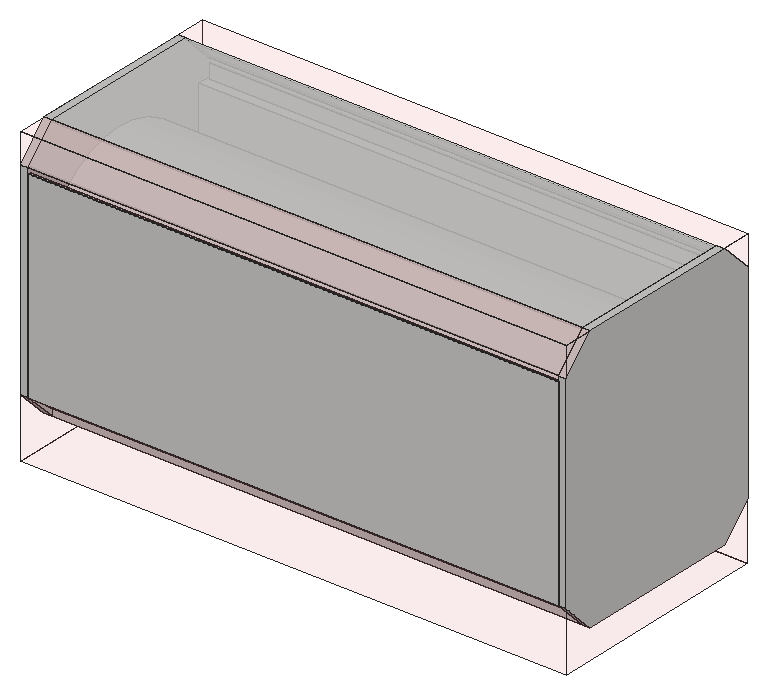
Revit family "Air-Curtain_Climate-Control_PoweredAire_ETD", category Mechanical Equipment, host Face, Revit 2019
Family settings
  Host = Face
  Round Connector Dimension = Use Diameter
  Part Type = Normal
  OmniClass Number = 23.75.35.17.21
  OmniClass Title = Air Curtains
  Cut with Voids When Loaded = No
  Shared = No
  Room Calculation Point = No
Parameters
  Warranty Duration (Years) = 0
  Unit Width Notes = "Other Widths available."  # constant formula
  Unit Width = 3' - 0"
  Unit Weight = 0
  Unit Height = 1' - 3"
  Unit Depth = 1' - 5 1/2"
  URL = "http://www.poweredaire.com/"
  Test Data = ""
  Temperature Rise_Range = "as Specified"
  Standards Conformance = "as Specified"
  Specification = "http://www.arcat.com/sdspecs/htm04/23_34_33pai.htm"
  SpecWizard = ""
  Sound Pressure = "as Specified"
  Sales Information = "http://www.poweredaire.com/contact_us"
  Revision = "R1_2016-08"
  Projection from Host [instance] = 0' - 2"
  Product Properties = ""
  Product Data = "http://www.arcat.com/arcatcos/cos47/arc47623.html"
  Power Rating = 0 W
  Outlet Volume_Range = "as Specified"
  Outlet Velocity_Range = "as Specified"
  Nozzle Width = if(1 = 1, Unit Width - 0' 1", 0' 0")  # 2' - 11"
  Mounting Width = if(1 = 1, Unit Width - 0' 0 15/16", 0' 0")  # 2' - 11 1/16"
  Mounting Height [instance] = 3' - 6"
  Motor RPM = 0
  Motor HP = 0
  Motor Count = 0
  Model = "As Specified"
  Max Height = 0' - 0"
  Manufacturer Website = "http://www.poweredaire.com/"
  Manufacturer Phone - Toll Free = "888-321-2473"
  Manufacturer Phone = "724-588-3305"
  Manufacturer Fax = "724-588-3371"
  Manufacturer Address = "109 Mortensen Rd.  Greenville, PA 16125"
  Manufacturer = "Powered Aire, Inc"
  Maintenance Schedule (Months) = 0
  Keynote = "23 34 33"
  Installation-Fabrication = ""
  Installation Phase = ""
  Include Clearance [instance] = yes
  Heating Element Load = 0 W
  HVAC_Temperature Rise [instance] = 0 °F
  HVAC_Outlet Volume [instance] = 0 CFM
  HVAC_Outlet Velocity Uniformity = 0
  HVAC_Outlet Velocity [instance] = 0 FPM
  Green Building-LEED = "http://www.arcat.com/green/clients/leed_data_47623.html"
  Front Grating Material [instance] = Metal - Steel - PoweredAire - Stainless 304 Perforated
  Frame Finish [instance] = Metal - Steel - PoweredAire - Stainless 304
  Expected Lifespan (Years) = 0
  Electrical_Wattage [instance] = Power Rating + Heating Element Load  # 0 W
  Electrical_Voltage [instance] = 0 V
  Electrical_Phase [instance] = 1
  Electrical_Frequency [instance] = 0 Hz
  Electrical_Amperage [instance] = 0 A
  Drawn By = "Sumex Design, Inc. / Robert S. Weygant, CSI, CDT, SCIP"
  Description = "Powered Aire Air Curtain as Specified"
  Default Elevation = 0' - 0"  # constant formula
  Copyright = "©Arcat Inc."
  Construction Details = "http://www.arcat.com/details/powair/prod3336.html"
  Clearance_Top [instance] = 0' - 0"
  Clearance_Side B [instance] = 0' - 0"
  Clearance_Side A [instance] = 0' - 0"
  Clearance_Intake [instance] = 0' - 0"
  Clearance_Bottom [instance] = 0' - 0"
  Clearance Material [instance] = ARCAT Clearance
  Building Codes = ""
  Available Options [instance] = "as Specified"
  Assembly Code = "D3090400"
Reference planes (in)
  plane 1 "Center (Elevation)": y = 0.13818
  plane 2: z = 0
  plane 3 "Center (Left/Right)": x = 0
  plane 4: y = 7.63818
  plane 5: y = -7.36182
  plane 6: x = -18
  plane 7: x = 18
  plane 8: z = 19.5
  plane 9 "FF": y = -41.86182
  plane 10: z = 2
  plane 11: x = 17.5
  plane 12: x = -17.5
  plane 13: y = 7.63818
  plane 14: y = -7.36182
  plane 15: x = -18
  plane 16: x = 18
  plane 17: z = 19.5
Forms (in)
  Extrusion 1, solid, material "Metal - Steel - PoweredAire - Stainless 304" <- "Frame Finish"
    sketch origin (0, 0, 0) x (0, 1, 0) y (0, 0, 1)
      loop
        line (5.69363, 2) -> (7.63818, 3.94454) -> (7.63818, 17.55546) -> (5.69363, 19.5) -> (-5.41728, 19.5) -> (-7.36182, 17.55546) -> (-7.36182, 3.94454) -> (-5.41728, 2) -> (5.69363, 2)
    from 17.5 to 18
  Extrusion 2, solid, material "Metal - Steel - PoweredAire - Stainless 304" <- "Frame Finish"
    sketch origin (0, 0, -0.5) x (0, 1, 0) y (0, 0, 1)
      loop
        circle (0.13818, 10.9739) r 6.25
      loop
        line (6.63818, 16.89427) -> (6.63818, 5.87829) -> (7.33849, 5.87829) -> (7.33849, 16.89427) -> (6.63818, 16.89427)
      loop
        line (-7.02798, 16.76927) -> (-7.02798, 5.75329) -> (-6.36182, 5.75329) -> (-6.36182, 16.76927) -> (-7.02798, 16.76927)
    from -17.5 to 17.5
  Extrusion 3, solid, material "Metal - Steel - PoweredAire - Stainless 304" <- "Frame Finish"
    sketch origin (0, 0, 0) x (0, 1, 0) y (0, 0, -1)
      loop
        line (5.69363, -2) -> (-5.41728, -2) -> (-7.36182, -3.94454) -> (-7.36182, -17.55546) -> (-5.41728, -19.5) -> (5.69363, -19.5) -> (7.63818, -17.55546) -> (7.63818, -3.94454) -> (5.69363, -2)
    from 17.5 to 18
  Extrusion 4, solid, material "Metal - Steel - PoweredAire - Stainless 304" <- "Frame Finish"
    sketch origin (0, 0, 0) x (0, 1, 0) y (0, 0, 1)
      loop
        line (-5.41728, 2) -> (5.69363, 2) -> (7.63818, 3.94454) -> (7.63818, 17.19454) -> (7.51318, 17.19454) -> (7.51318, 3.99632) -> (5.64186, 2.125) -> (-5.29228, 2.125) -> (-5.29228, 4.06954) -> (-7.23682, 4.06954) -> (-7.23682, 17.19454) -> (-7.36182, 17.19454) -> (-7.36182, 3.94454) -> (-5.41728, 3.94454) -> (-5.41728, 2)
      loop
        line (-6.64819, 3.61034) -> (-5.8702, 2.83235) -> (-5.74472, 2.95783) -> (-6.52271, 3.73583) -> (-6.64819, 3.61034)
    from -17.5 to 17.5
  Extrusion 5, solid, material "Metal - Steel - PoweredAire - Stainless 304 Perforated" <- "Front Grating Material"
    sketch origin (0, 0, 0) x (0, 1, 0) y (0, 0, 1)
      loop
        line (-7.36182, 17.19454) -> (-7.23682, 17.19454) -> (-7.23682, 17.50368) -> (-5.3655, 19.375) -> (5.64186, 19.375) -> (7.51318, 17.50368) -> (7.51318, 17.19454) -> (7.63818, 17.19454) -> (7.63818, 17.55546) -> (5.69363, 19.5) -> (-5.41728, 19.5) -> (-7.36182, 17.55546) -> (-7.36182, 17.19454)
    from -17.5 to 17.5
  Extrusion 6, solid, material "ARCAT Clearance" <- "Clearance Material", visible <- "Include Clearance"
    sketch origin (0, 0, 0) x (0, 1, 0) y (0, 0, 1)
      loop
        line (-7.36182, 19.5) -> (-7.36182, 0) -> (7.63818, 0) -> (7.63818, 19.5) -> (-7.36182, 19.5)
    from -18 to 18
Dimensions and locks (in)
  equal spacing: plane 4, plane 1 "Center (Elevation)", plane 5
  "Unit Height": plane 4 to plane 5
  equal spacing: plane 6, plane 3 "Center (Left/Right)", plane 7
  "Unit Width": plane 6 to plane 7
  "Mounting Height": plane 1 "Center (Elevation)" to plane 9 "FF"
  "Projection from Host": plane 10 to level
  "Unit Depth": plane 8 to plane 10
  locked: plane 6 to plane 12 at 0.5
  locked: plane 11 to plane 7 at 0.5
  "Clearance_Side A": plane 7 to plane 16
  "Clearance_Side B": plane 15 to plane 6
  "Clearance_Top": plane 13 to plane 4
  "Clearance_Bottom": plane 5 to plane 14
  "Clearance_Intake": plane 17 to plane 8
  aligned and locked: plane 2 to host face
  aligned and locked: level to host face
  aligned and locked: plane 7 to Extrusion 1
  aligned and locked: Extrusion 1 to plane 11
  aligned and locked: plane 12 to Extrusion 3
  aligned and locked: Extrusion 3 to plane 6
  aligned and locked: Extrusion 2 to plane 12
  aligned and locked: plane 11 to Extrusion 2
  aligned and locked: plane 11 to Extrusion 4
  aligned and locked: Extrusion 4 to plane 12
  aligned and locked: plane 11 to Extrusion 5
  aligned and locked: Extrusion 5 to plane 12
  aligned and locked: Extrusion 6 sketch curve to plane 17
  aligned and locked: plane 14 to Extrusion 6 sketch curve
  aligned and locked: level to Extrusion 6 sketch curve
  aligned and locked: Extrusion 6 sketch curve to plane 13
  aligned and locked: plane 16 to Extrusion 6
  aligned and locked: Extrusion 6 to plane 15
Automatic sketch dimensions
  host sketch curve to host sketch curve = 8' - 0"  (x2)
  Extrusion 1 sketch curve to plane 5 = 0' - 0"
  Extrusion 1 sketch curve to plane 8 = 0' - 0"
  Extrusion 1 sketch curve to plane 10 = 0' - 0"
  Extrusion 1 sketch curve to plane 4 = 0' - 0"
  plane 5 to Extrusion 1 sketch curve = 0' - 1.94454"  (x2)
  Extrusion 1 sketch curve to plane 4 = 0' - 1.94454"  (x2)
  plane 10 to Extrusion 1 sketch curve = 0' - 1.94454"  (x2)
  Extrusion 1 sketch curve to plane 8 = 0' - 1.94454"  (x2)
  Extrusion 2 sketch curve to plane 1 "Center (Elevation)" = 0' - 0"
  plane 5 to Extrusion 2 sketch curve = 0' - 1"
  plane 5 to Extrusion 2 sketch curve = 0' - 0.33384"
  Extrusion 2 sketch curve to plane 4 = 0' - 1"
  Extrusion 2 sketch curve to plane 4 = 0' - 0.29969"
  plane 10 to Extrusion 2 sketch curve = 0' - 3.37829"
  plane 10 to Extrusion 2 sketch curve = 0' - 3.25329"
  Extrusion 2 sketch curve to plane 8 = 0' - 9.0261"
  Extrusion 2 sketch curve to plane 8 = 0' - 3.23073"
  Extrusion 2 sketch curve to plane 8 = 0' - 3.10573"
  Extrusion 3 sketch curve to plane 5 = 0' - 0"
  Extrusion 3 sketch curve to plane 8 = 0' - 0"
  Extrusion 3 sketch curve to plane 10 = 0' - 0"
  Extrusion 3 sketch curve to plane 4 = 0' - 0"
  plane 5 to Extrusion 3 sketch curve = 0' - 1.94454"  (x2)
  Extrusion 3 sketch curve to plane 4 = 0' - 1.94454"  (x2)
  Extrusion 3 sketch curve to plane 8 = 0' - 1.94454"  (x2)
  plane 10 to Extrusion 3 sketch curve = 0' - 1.94454"  (x2)
  Extrusion 4 sketch curve to plane 5 = 0' - 0"
  Extrusion 4 sketch curve to plane 10 = 0' - 0"
  Extrusion 4 sketch curve to plane 4 = 0' - 0"
  plane 5 to Extrusion 4 sketch curve = 0' - 0 1/8"
  plane 5 to Extrusion 4 sketch curve = 0' - 0.71363"
  Extrusion 4 sketch curve to Extrusion 4 sketch curve = 0' - 0.12548"  (x2)
  Extrusion 4 sketch curve to Extrusion 4 sketch curve = 0' - 0.778"
  Extrusion 4 sketch curve to Extrusion 4 sketch curve = 0' - 0.32744"
  Extrusion 4 sketch curve to Extrusion 4 sketch curve = 0' - 0 1/8"  (x2)
  plane 10 to Extrusion 4 sketch curve = 0' - 0 1/8"
  Extrusion 4 sketch curve to plane 4 = 0' - 1.99632"
  Extrusion 4 sketch curve to Extrusion 4 sketch curve = 0' - 0.05178"  (x2)
  plane 10 to Extrusion 4 sketch curve = 0' - 0.83235"
  plane 10 to Extrusion 4 sketch curve = 0' - 1.94454"
  Extrusion 4 sketch curve to Extrusion 4 sketch curve = 0' - 0.3342"
  Extrusion 4 sketch curve to plane 4 = 0' - 0 1/8"
  Extrusion 4 sketch curve to plane 8 = 0' - 2.30546"  (x2)
  Extrusion 5 sketch curve to plane 5 = 0' - 0"
  Extrusion 5 sketch curve to plane 8 = 0' - 0"
  Extrusion 5 sketch curve to plane 4 = 0' - 0"
  plane 5 to Extrusion 5 sketch curve = 0' - 0 1/8"
  plane 5 to Extrusion 5 sketch curve = 0' - 1.94454"
  Extrusion 5 sketch curve to plane 8 = 0' - 0 1/8"
  Extrusion 5 sketch curve to Extrusion 5 sketch curve = 0' - 0.05178"  (x4)
  Extrusion 5 sketch curve to plane 4 = 0' - 1.99632"
  Extrusion 5 sketch curve to plane 8 = 0' - 1.94454"  (x2)
  Extrusion 5 sketch curve to Extrusion 5 sketch curve = 0' - 0 1/8"
  Extrusion 5 sketch curve to Extrusion 5 sketch curve = 0' - 0.30914"  (x2)
  radius of Extrusion 2 sketch curve = 0' - 6 1/4"
Connectors (in)
  electrical at (0, 7.63818, 10.56954), driven by "Electrical_Phase", driven by "Electrical_Voltage"
    settings: on Extrusion 4, index 1, voltage 0 V, apparent load 0 VA, apparent load phase1 0 VA, apparent load phase2 0 VA, apparent load phase3 0 VA, power factor 1, load classification "Motor", number of poles 1, system type 31, power factor state 1, is connector primary yes, connector utility no, sub classification motor no, connector description ""
